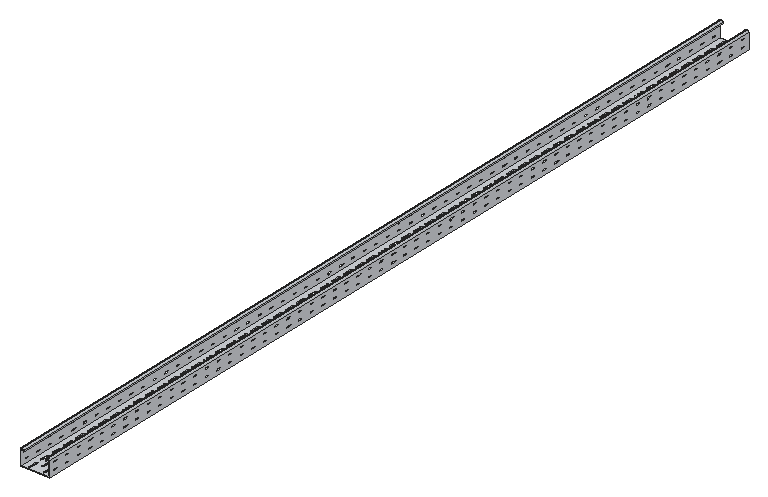
Revit family "Kabelrinne_610_FT_FS_A2_A4_FTSO", category Generic Models, Revit 2017 (continued)
Dimensions and locks
     Extrusion 128, Extrusion 129, Extrusion 130, Extrusion 131, Extrusion 132, Extrusion 133, Extrusion 134, Extrusion 135, Extrusion 136, Extrusion 137, Extrusion 138, Extrusion 139, Extrusion 140, Extrusion 141, Extrusion 142, Extrusion 143, Extrusion 144, Extrusion 145, Extrusion 146, Extrusion 147, Extrusion 148, Extrusion 149, Extrusion 150, Extrusion 151, Extrusion 152, Extrusion 153, Extrusion 154, Extrusion 155, Extrusion 156, Extrusion 157, Extrusion 158, Extrusion 159, Extrusion 160, Extrusion 161, Extrusion 162, Extrusion 163, Extrusion 164, Extrusion 165, Extrusion 166, Extrusion 167, Extrusion 168, Extrusion 169, Extrusion 170, Extrusion 171, Extrusion 172, Extrusion 173, Extrusion 174, Extrusion 175, Extrusion 176, Extrusion 177, Extrusion 178, Extrusion 179, Extrusion 180, Extrusion 181, Extrusion 182, Extrusion 183, Extrusion 184, Extrusion 185, Extrusion 186, Extrusion 187, Extrusion 188, Extrusion 189, Extrusion 190, Extrusion 191, Extrusion 192, Extrusion 193, Extrusion 194, Extrusion 195, Extrusion 196, Extrusion 197, Extrusion 198, Extrusion 199, Extrusion 200, Extrusion 201, Extrusion 202, Extrusion 203, Extrusion 204, Extrusion 205, Extrusion 206, Extrusion 207, Extrusion 208, Extrusion 209, Extrusion 210, Extrusion 211, Extrusion 212, Extrusion 213, Extrusion 214, Extrusion 215, Extrusion 216, Extrusion 217, Extrusion 218, Extrusion 219, Extrusion 220, Extrusion 221, Extrusion 222, Extrusion 223, Extrusion 224, Extrusion 225, Extrusion 226, Extrusion 227, Extrusion 228, Extrusion 229, Extrusion 230, Extrusion 231, Extrusion 232, Extrusion 233, Extrusion 234, Extrusion 235, Extrusion 236, Extrusion 237, Extrusion 238, Extrusion 239, Extrusion 240, Extrusion 241, Extrusion 242, Extrusion 243, Extrusion 244, Extrusion 245, Extrusion 246, Extrusion 247, Extrusion 248, Extrusion 249, Extrusion 250, Extrusion 251, Extrusion 252, Extrusion 253, Extrusion 254, Extrusion 255, Extrusion 256, Extrusion 257, Extrusion 258, Extrusion 259, Extrusion 260, Extrusion 261, Extrusion 262, Extrusion 263, Extrusion 264, Extrusion 265, Extrusion 266, Extrusion 267, Extrusion 268, Extrusion 269, Extrusion 270, Extrusion 271, Extrusion 272, Extrusion 273, Extrusion 274, Extrusion 275, Extrusion 276, Extrusion 277, Extrusion 278, Extrusion 279, Extrusion 280, Extrusion 281, Extrusion 282, Extrusion 283, Extrusion 284, Extrusion 285, Extrusion 286, Extrusion 287, Extrusion 288, Extrusion 289, Extrusion 290, Extrusion 291, Extrusion 292, Extrusion 293, Extrusion 294, Extrusion 295, Extrusion 296, Extrusion 297, Extrusion 298, Extrusion 299, Extrusion 300, Extrusion 301, Extrusion 302, Extrusion 303, Extrusion 304, Extrusion 305, Extrusion 306, Extrusion 308, Extrusion 309, Extrusion 310, Extrusion 311, Extrusion 312, Extrusion 313, Extrusion 314, Extrusion 315, Extrusion 316, Extrusion 317, Extrusion 318, Extrusion 319, Extrusion 320, Extrusion 321, Extrusion 322, Extrusion 323, Extrusion 324, Extrusion 325, Extrusion 326, Extrusion 327, Extrusion 328, Extrusion 329, Extrusion 330, Extrusion 331, Extrusion 332, Extrusion 333, Extrusion 334, Extrusion 335, Extrusion 336, Extrusion 337, Extrusion 338, Extrusion 339, Extrusion 340, Extrusion 341, Extrusion 342, Extrusion 343, Extrusion 344, Extrusion 345, Extrusion 346, Extrusion 347, Extrusion 348, Extrusion 349, Extrusion 350, Extrusion 351, Extrusion 352, Extrusion 353, Extrusion 354, Extrusion 355, Extrusion 356, Extrusion 357, Extrusion 358, Extrusion 359, Extrusion 360, Extrusion 361, Extrusion 362, Extrusion 363, Extrusion 364, Extrusion 365, Extrusion 366, Extrusion 367, Extrusion 368, Extrusion 369, Extrusion 370, Extrusion 371, Extrusion 372, Extrusion 373, Extrusion 374, Extrusion 375, Extrusion 376, Extrusion 377, Extrusion 378, Extrusion 379, Extrusion 380, Extrusion 381, Extrusion 382, Extrusion 383, Extrusion 384, Extrusion 385, Extrusion 386, Extrusion 387, Extrusion 388, Extrusion 389, Extrusion 390, Extrusion 391, Extrusion 392, Extrusion 393, Extrusion 394, Extrusion 395, Extrusion 396, Extrusion 397, Extrusion 398, Extrusion 399, Extrusion 400, Extrusion 401, Extrusion 402, Extrusion 403, Extrusion 404, Extrusion 405, Extrusion 406, Extrusion 407, Extrusion 408, Extrusion 409, Extrusion 410, Extrusion 411, Extrusion 412, Extrusion 413, Extrusion 414, Extrusion 415, Extrusion 416, Extrusion 417, Extrusion 418, Extrusion 419, Extrusion 420, Extrusion 421, Extrusion 422, Extrusion 423, Extrusion 424, Extrusion 425 at 11.5
  locked: Extrusion 14 sketch curve to Extrusion 14 sketch curve at 7
  locked: Extrusion 15 sketch curve to Extrusion 15 sketch curve at 7
  group 17 to group 18 = 0 mm  (x2)
  group 17 to group 18 = 25 mm
  locked: plane 29 to plane 28 at 1.503
  locked: Extrusion 16 sketch curve to Extrusion 16 sketch curve at 7
  locked: Extrusion 17 sketch curve to Extrusion 17 sketch curve at 7
  group 20 to group 21 = 0 mm  (x2)
  group 20 to group 21 = 25 mm
  locked: plane 33 to plane 32 at 1.503
  locked: Extrusion 18 sketch curve to Extrusion 18 sketch curve at 7
  locked: Extrusion 19 sketch curve to Extrusion 19 sketch curve at 7
  group 23 to group 24 = 0 mm  (x2)
  group 23 to group 24 = 25 mm
  locked: plane 37 to plane 36 at 1.503
  locked: Extrusion 20 sketch curve to Extrusion 20 sketch curve at 7
  locked: Extrusion 21 sketch curve to Extrusion 21 sketch curve at 7
  group 26 to group 27 = 0 mm  (x2)
  group 26 to group 27 = 25 mm
  locked: plane 41 to plane 40 at 1.503
  locked: Extrusion 22 sketch curve to Extrusion 22 sketch curve at 7
  locked: Extrusion 23 sketch curve to Extrusion 23 sketch curve at 7
  group 29 to group 30 = 0 mm  (x2)
  group 29 to group 30 = 25 mm
  locked: plane 45 to plane 44 at 1.503
  locked: Extrusion 24 sketch curve to Extrusion 24 sketch curve at 7
  locked: Extrusion 25 sketch curve to Extrusion 25 sketch curve at 7
  group 32 to group 33 = 0 mm  (x2)
  group 32 to group 33 = 25 mm
  locked: plane 49 to plane 48 at 1.503
  locked: Extrusion 26 sketch curve to Extrusion 26 sketch curve at 7
  locked: Extrusion 27 sketch curve to Extrusion 27 sketch curve at 7
  group 35 to group 36 = 0 mm  (x2)
  group 35 to group 36 = 25 mm
  locked: plane 53 to plane 52 at 1.503
  locked: Extrusion 28 sketch curve to Extrusion 28 sketch curve at 7
  locked: Extrusion 29 sketch curve to Extrusion 29 sketch curve at 7
  group 38 to group 39 = 0 mm  (x2)
  group 38 to group 39 = 25 mm
  locked: plane 57 to plane 56 at 1.503
  locked: Extrusion 30 sketch curve to Extrusion 30 sketch curve at 7
  locked: Extrusion 31 sketch curve to Extrusion 31 sketch curve at 7
  group 41 to group 42 = 0 mm  (x2)
  group 41 to group 42 = 25 mm
  locked: plane 61 to plane 60 at 1.503
  locked: Extrusion 32 sketch curve to Extrusion 32 sketch curve at 7
  locked: Extrusion 33 sketch curve to Extrusion 33 sketch curve at 7
  group 44 to group 45 = 0 mm  (x2)
  group 44 to group 45 = 25 mm
  locked: plane 65 to plane 64 at 1.503
  locked: Extrusion 34 sketch curve to Extrusion 34 sketch curve at 7
  locked: Extrusion 35 sketch curve to Extrusion 35 sketch curve at 7
  group 47 to group 48 = 0 mm  (x2)
  group 47 to group 48 = 25 mm
  locked: plane 69 to plane 68 at 1.503
  locked: Extrusion 36 sketch curve to Extrusion 36 sketch curve at 7
  locked: Extrusion 37 sketch curve to Extrusion 37 sketch curve at 7
  group 50 to group 51 = 0 mm  (x2)
  group 50 to group 51 = 25 mm
  locked: plane 73 to plane 72 at 1.503
  locked: Extrusion 38 sketch curve to Extrusion 38 sketch curve at 7
  locked: Extrusion 39 sketch curve to Extrusion 39 sketch curve at 7
  group 53 to group 54 = 0 mm  (x2)
  group 53 to group 54 = 25 mm
  locked: plane 77 to plane 76 at 1.503
  locked: Extrusion 40 sketch curve to Extrusion 40 sketch curve at 7
  locked: Extrusion 41 sketch curve to Extrusion 41 sketch curve at 7
  group 56 to group 57 = 0 mm  (x2)
  group 56 to group 57 = 25 mm
  locked: plane 81 to plane 80 at 1.503
  locked: Extrusion 42 sketch curve to Extrusion 42 sketch curve at 7
  locked: Extrusion 43 sketch curve to Extrusion 43 sketch curve at 7
  group 59 to group 60 = 0 mm  (x2)
  group 59 to group 60 = 25 mm
  locked: plane 85 to plane 84 at 1.503
  locked: Extrusion 44 sketch curve to Extrusion 44 sketch curve at 7
  locked: Extrusion 45 sketch curve to Extrusion 45 sketch curve at 7
  group 62 to group 63 = 0 mm  (x2)
  group 62 to group 63 = 25 mm
  locked: plane 89 to plane 88 at 1.503
  locked: Extrusion 46 sketch curve to Extrusion 46 sketch curve at 7
  locked: Extrusion 47 sketch curve to Extrusion 47 sketch curve at 7
  group 65 to group 66 = 0 mm  (x2)
  group 65 to group 66 = 25 mm
  locked: plane 93 to plane 92 at 1.503
  locked: Extrusion 48 sketch curve to Extrusion 48 sketch curve at 7
  locked: Extrusion 49 sketch curve to Extrusion 49 sketch curve at 7
  group 68 to group 69 = 0 mm  (x2)
  group 68 to group 69 = 25 mm
  locked: plane 97 to plane 96 at 1.503
  locked: Extrusion 50 sketch curve to Extrusion 50 sketch curve at 7
  locked: Extrusion 51 sketch curve to Extrusion 51 sketch curve at 7
  group 71 to group 72 = 0 mm  (x2)
  group 71 to group 72 = 25 mm
  locked: plane 101 to plane 100 at 1.503
  locked: Extrusion 52 sketch curve to Extrusion 52 sketch curve at 7
  locked: Extrusion 53 sketch curve to Extrusion 53 sketch curve at 7
  group 74 to group 75 = 0 mm  (x2)
  group 74 to group 75 = 25 mm
  locked: plane 105 to plane 104 at 1.503
  locked: Extrusion 54 sketch curve to Extrusion 54 sketch curve at 7
  locked: Extrusion 55 sketch curve to Extrusion 55 sketch curve at 7
  group 77 to group 78 = 0 mm  (x2)
  group 77 to group 78 = 25 mm
  locked: plane 109 to plane 108 at 1.503
  locked: Extrusion 56 sketch curve to Extrusion 56 sketch curve at 7
  locked: Extrusion 57 sketch curve to Extrusion 57 sketch curve at 7
  group 80 to group 81 = 0 mm  (x2)
  group 80 to group 81 = 25 mm
  locked: plane 113 to plane 112 at 1.503
  locked: Extrusion 58 sketch curve to Extrusion 58 sketch curve at 7
  locked: Extrusion 59 sketch curve to Extrusion 59 sketch curve at 7
  group 83 to group 84 = 0 mm  (x2)
  group 83 to group 84 = 25 mm
  locked: plane 117 to plane 116 at 1.503
  locked: Extrusion 60 sketch curve to Extrusion 60 sketch curve at 7
  locked: Extrusion 61 sketch curve to Extrusion 61 sketch curve at 7
  group 86 to group 87 = 0 mm  (x2)
  group 86 to group 87 = 25 mm
  locked: plane 121 to plane 120 at 1.503
  locked: Extrusion 62 sketch curve to Extrusion 62 sketch curve at 7
  locked: Extrusion 63 sketch curve to Extrusion 63 sketch curve at 7
  group 89 to group 90 = 0 mm  (x2)
  group 89 to group 90 = 25 mm
  locked: plane 125 to plane 124 at 1.503
  locked: Extrusion 64 sketch curve to Extrusion 64 sketch curve at 7
  locked: Extrusion 65 sketch curve to Extrusion 65 sketch curve at 7
  group 92 to group 93 = 0 mm  (x2)
  group 92 to group 93 = 25 mm
  locked: plane 129 to plane 128 at 1.503
  locked: Extrusion 66 sketch curve to Extrusion 66 sketch curve at 7
  locked: Extrusion 67 sketch curve to Extrusion 67 sketch curve at 7
  group 95 to group 96 = 0 mm  (x2)
  group 95 to group 96 = 25 mm
  locked: plane 133 to plane 132 at 1.503
  locked: Extrusion 68 sketch curve to Extrusion 68 sketch curve at 7
  locked: Extrusion 69 sketch curve to Extrusion 69 sketch curve at 7
  group 98 to group 99 = 0 mm  (x2)
  group 98 to group 99 = 25 mm
  locked: plane 137 to plane 136 at 1.503
  locked: Extrusion 70 sketch curve to Extrusion 70 sketch curve at 7
  locked: Extrusion 71 sketch curve to Extrusion 71 sketch curve at 7
  group 101 to group 102 = 0 mm  (x2)
  group 101 to group 102 = 25 mm
  locked: plane 141 to plane 140 at 1.503
  locked: Extrusion 72 sketch curve to Extrusion 72 sketch curve at 7
  locked: Extrusion 73 sketch curve to Extrusion 73 sketch curve at 7
  group 104 to group 105 = 0 mm  (x2)
  group 104 to group 105 = 25 mm
  locked: plane 145 to plane 144 at 1.503
  locked: Extrusion 74 sketch curve to Extrusion 74 sketch curve at 7
  locked: Extrusion 75 sketch curve to Extrusion 75 sketch curve at 7
  group 107 to group 108 = 0 mm  (x2)
  group 107 to group 108 = 25 mm
  locked: plane 149 to plane 148 at 1.503
  locked: Extrusion 76 sketch curve to Extrusion 76 sketch curve at 7
  locked: Extrusion 77 sketch curve to Extrusion 77 sketch curve at 7
  group 110 to group 111 = 0 mm  (x2)
  group 110 to group 111 = 25 mm
  locked: plane 153 to plane 152 at 1.503
  locked: Extrusion 78 sketch curve to Extrusion 78 sketch curve at 7
  locked: Extrusion 79 sketch curve to Extrusion 79 sketch curve at 7
  group 113 to group 114 = 0 mm  (x2)
  group 113 to group 114 = 25 mm
  locked: plane 157 to plane 156 at 1.503
  locked: Extrusion 80 sketch curve to Extrusion 80 sketch curve at 7
  locked: Extrusion 81 sketch curve to Extrusion 81 sketch curve at 7
  group 116 to group 117 = 0 mm  (x2)
  group 116 to group 117 = 25 mm
  locked: plane 161 to plane 160 at 1.503
  locked: Extrusion 82 sketch curve to Extrusion 82 sketch curve at 7
  locked: Extrusion 83 sketch curve to Extrusion 83 sketch curve at 7
  group 119 to group 120 = 0 mm  (x2)
  group 119 to group 120 = 25 mm
  locked: plane 165 to plane 164 at 1.503
  locked: Extrusion 84 sketch curve to Extrusion 84 sketch curve at 7
  locked: Extrusion 85 sketch curve to Extrusion 85 sketch curve at 7
  group 122 to group 123 = 0 mm  (x2)
  group 122 to group 123 = 25 mm
  locked: plane 169 to plane 168 at 1.503
  locked: Extrusion 86 sketch curve to Extrusion 86 sketch curve at 7
  locked: Extrusion 87 sketch curve to Extrusion 87 sketch curve at 7
  group 125 to group 126 = 0 mm  (x2)
  group 125 to group 126 = 25 mm
  locked: plane 173 to plane 172 at 1.503
  locked: Extrusion 88 sketch curve to Extrusion 88 sketch curve at 7
  locked: Extrusion 89 sketch curve to Extrusion 89 sketch curve at 7
  group 128 to group 129 = 0 mm  (x2)
  group 128 to group 129 = 25 mm
  locked: plane 177 to plane 176 at 1.503
  locked: Extrusion 90 sketch curve to Extrusion 90 sketch curve at 7
  locked: Extrusion 91 sketch curve to Extrusion 91 sketch curve at 7
  group 131 to group 132 = 0 mm  (x2)
  group 131 to group 132 = 25 mm
  locked: plane 181 to plane 180 at 1.503
  locked: Extrusion 92 sketch curve to Extrusion 92 sketch curve at 7
  locked: Extrusion 93 sketch curve to Extrusion 93 sketch curve at 7
  group 134 to group 135 = 0 mm  (x2)
  group 134 to group 135 = 25 mm
  locked: plane 185 to plane 184 at 1.503
  locked: Extrusion 94 sketch curve to Extrusion 94 sketch curve at 7
  locked: Extrusion 95 sketch curve to Extrusion 95 sketch curve at 7
  group 137 to group 138 = 0 mm  (x2)
  group 137 to group 138 = 25 mm
  locked: plane 189 to plane 188 at 1.503
  locked: Extrusion 96 sketch curve to Extrusion 96 sketch curve at 7
  locked: Extrusion 97 sketch curve to Extrusion 97 sketch curve at 7
  group 140 to group 141 = 0 mm  (x2)
  group 140 to group 141 = 25 mm
  locked: plane 193 to plane 192 at 1.503
  locked: Extrusion 98 sketch curve to Extrusion 98 sketch curve at 7
  locked: Extrusion 99 sketch curve to Extrusion 99 sketch curve at 7
  group 143 to group 144 = 0 mm  (x2)
  group 143 to group 144 = 25 mm
  locked: plane 197 to plane 196 at 1.503
  locked: Extrusion 100 sketch curve to Extrusion 100 sketch curve at 7
  locked: Extrusion 101 sketch curve to Extrusion 101 sketch curve at 7
  group 146 to group 147 = 0 mm  (x2)
  group 146 to group 147 = 25 mm
  locked: plane 201 to plane 200 at 1.503
  locked: Extrusion 102 sketch curve to Extrusion 102 sketch curve at 7
  locked: Extrusion 103 sketch curve to Extrusion 103 sketch curve at 7
  group 149 to group 150 = 0 mm  (x2)
  group 149 to group 150 = 25 mm
  locked: plane 205 to plane 204 at 1.503
  locked: Extrusion 104 sketch curve to Extrusion 104 sketch curve at 7
  locked: Extrusion 105 sketch curve to Extrusion 105 sketch curve at 7
  group 152 to group 153 = 0 mm  (x2)
  group 152 to group 153 = 25 mm
  locked: plane 209 to plane 208 at 1.503
  locked: Extrusion 106 sketch curve to Extrusion 106 sketch curve at 7
  locked: Extrusion 107 sketch curve to Extrusion 107 sketch curve at 7
  group 155 to group 156 = 0 mm  (x2)
  group 155 to group 156 = 25 mm
  locked: plane 213 to plane 212 at 1.503
  locked: Extrusion 108 sketch curve to Extrusion 108 sketch curve at 7
  locked: Extrusion 109 sketch curve to Extrusion 109 sketch curve at 7
  group 158 to group 159 = 0 mm  (x2)
  group 158 to group 159 = 25 mm
  locked: plane 217 to plane 216 at 1.503
  locked: Extrusion 110 sketch curve to Extrusion 110 sketch curve at 7
  locked: Extrusion 111 sketch curve to Extrusion 111 sketch curve at 7
  group 161 to group 162 = 0 mm  (x2)
  group 161 to group 162 = 25 mm
  locked: plane 221 to plane 220 at 1.503
  locked: Extrusion 112 sketch curve to Extrusion 112 sketch curve at 7
  locked: Extrusion 113 sketch curve to Extrusion 113 sketch curve at 7
  group 164 to group 165 = 0 mm  (x2)
  group 164 to group 165 = 25 mm
  locked: plane 225 to plane 224 at 1.503
  locked: Extrusion 114 sketch curve to Extrusion 114 sketch curve at 7
  locked: Extrusion 115 sketch curve to Extrusion 115 sketch curve at 7
  group 167 to group 168 = 0 mm  (x2)
  group 167 to group 168 = 25 mm
  locked: plane 229 to plane 228 at 1.503
  locked: Extrusion 116 sketch curve to Extrusion 116 sketch curve at 7
  locked: Extrusion 117 sketch curve to Extrusion 117 sketch curve at 7
  group 170 to group 171 = 0 mm  (x2)
  group 170 to group 171 = 25 mm
  locked: plane 233 to plane 232 at 1.503
  locked: Extrusion 118 sketch curve to Extrusion 118 sketch curve at 7
  locked: Extrusion 119 sketch curve to Extrusion 119 sketch curve at 7
  group 173 to group 174 = 0 mm  (x2)
  group 173 to group 174 = 25 mm
  locked: plane 237 to plane 236 at 1.503
  locked: Extrusion 120 sketch curve to Extrusion 120 sketch curve at 7
  locked: Extrusion 121 sketch curve to Extrusion 121 sketch curve at 7
  group 176 to group 177 = 0 mm  (x2)
  group 176 to group 177 = 25 mm
  locked: plane 241 to plane 240 at 1.503
  locked: Extrusion 122 sketch curve to Extrusion 122 sketch curve at 7
  locked: Extrusion 123 sketch curve to Extrusion 123 sketch curve at 7
  group 179 to group 180 = 0 mm  (x2)
  group 179 to group 180 = 25 mm
  locked: plane 245 to plane 244 at 1.503
  locked: Extrusion 124 sketch curve to Extrusion 124 sketch curve at 7
  locked: Extrusion 125 sketch curve to Extrusion 125 sketch curve at 7
  group 182 to group 183 = 0 mm  (x2)
  group 182 to group 183 = 25 mm
  locked: plane 249 to plane 248 at 1.503
  locked: Extrusion 126 sketch curve to Extrusion 126 sketch curve at 7
  locked: Extrusion 127 sketch curve to Extrusion 127 sketch curve at 7
  group 185 to group 186 = 0 mm  (x2)
  group 185 to group 186 = 25 mm
  locked: plane 253 to plane 252 at 1.503
  locked: Extrusion 128 sketch curve to Extrusion 128 sketch curve at 7
  locked: Extrusion 129 sketch curve to Extrusion 129 sketch curve at 7
  group 188 to group 189 = 0 mm  (x2)
  group 188 to group 189 = 25 mm
  locked: plane 257 to plane 256 at 1.503
  locked: Extrusion 130 sketch curve to Extrusion 130 sketch curve at 7
  locked: Extrusion 131 sketch curve to Extrusion 131 sketch curve at 7
  group 192 to group 191 = 0 mm
  group 191 to group 192 = 0 mm
  group 191 to group 192 = 25 mm
  locked: plane 260 to plane 261 at 1.532
  locked: Extrusion 132 sketch curve to Extrusion 132 sketch curve at 7
  locked: Extrusion 133 sketch curve to Extrusion 133 sketch curve at 7
  group 195 to group 194 = 0 mm
  group 194 to group 195 = 0 mm
  group 194 to group 195 = 25 mm
  locked: plane 264 to plane 265 at 1.532
  locked: Extrusion 134 sketch curve to Extrusion 134 sketch curve at 7
  locked: Extrusion 135 sketch curve to Extrusion 135 sketch curve at 7
  group 198 to group 197 = 0 mm
  group 197 to group 198 = 0 mm
  group 197 to group 198 = 25 mm
  locked: plane 268 to plane 269 at 1.532
  locked: Extrusion 136 sketch curve to Extrusion 136 sketch curve at 7
  locked: Extrusion 137 sketch curve to Extrusion 137 sketch curve at 7
  group 201 to group 200 = 0 mm
  group 200 to group 201 = 0 mm
  group 200 to group 201 = 25 mm
  locked: plane 272 to plane 273 at 1.532
  locked: Extrusion 138 sketch curve to Extrusion 138 sketch curve at 7
  locked: Extrusion 139 sketch curve to Extrusion 139 sketch curve at 7
  group 204 to group 203 = 0 mm
  group 203 to group 204 = 0 mm
  group 203 to group 204 = 25 mm
  locked: plane 276 to plane 277 at 1.532
  locked: Extrusion 140 sketch curve to Extrusion 140 sketch curve at 7
  locked: Extrusion 141 sketch curve to Extrusion 141 sketch curve at 7
  group 207 to group 206 = 0 mm
  group 206 to group 207 = 0 mm
  group 206 to group 207 = 25 mm
  locked: plane 280 to plane 281 at 1.532
  locked: Extrusion 142 sketch curve to Extrusion 142 sketch curve at 7
  locked: Extrusion 143 sketch curve to Extrusion 143 sketch curve at 7
  group 210 to group 209 = 0 mm
  group 209 to group 210 = 0 mm
  group 209 to group 210 = 25 mm
  locked: plane 284 to plane 285 at 1.532
  locked: Extrusion 144 sketch curve to Extrusion 144 sketch curve at 7
  locked: Extrusion 145 sketch curve to Extrusion 145 sketch curve at 7
  group 213 to group 212 = 0 mm
  group 212 to group 213 = 0 mm
  group 212 to group 213 = 25 mm
  locked: plane 288 to plane 289 at 1.532
  locked: Extrusion 146 sketch curve to Extrusion 146 sketch curve at 7
  locked: Extrusion 147 sketch curve to Extrusion 147 sketch curve at 7
  group 216 to group 215 = 0 mm
  group 215 to group 216 = 0 mm
  group 215 to group 216 = 25 mm
  locked: plane 292 to plane 293 at 1.532
  locked: Extrusion 148 sketch curve to Extrusion 148 sketch curve at 7
  locked: Extrusion 149 sketch curve to Extrusion 149 sketch curve at 7
  group 219 to group 218 = 0 mm
  group 218 to group 219 = 0 mm
  group 218 to group 219 = 25 mm
  locked: plane 296 to plane 297 at 1.532
  locked: Extrusion 150 sketch curve to Extrusion 150 sketch curve at 7
  locked: Extrusion 151 sketch curve to Extrusion 151 sketch curve at 7
  group 222 to group 221 = 0 mm
  group 221 to group 222 = 0 mm
  group 221 to group 222 = 25 mm
  locked: plane 300 to plane 301 at 1.532
  locked: Extrusion 152 sketch curve to Extrusion 152 sketch curve at 7
  locked: Extrusion 153 sketch curve to Extrusion 153 sketch curve at 7
  group 225 to group 224 = 0 mm
  group 224 to group 225 = 0 mm
  group 224 to group 225 = 25 mm
  locked: plane 304 to plane 305 at 1.532
  locked: Extrusion 154 sketch curve to Extrusion 154 sketch curve at 7
  locked: Extrusion 155 sketch curve to Extrusion 155 sketch curve at 7
  group 228 to group 227 = 0 mm
  group 227 to group 228 = 0 mm
  group 227 to group 228 = 25 mm
  locked: plane 308 to plane 309 at 1.532
  locked: Extrusion 156 sketch curve to Extrusion 156 sketch curve at 7
  locked: Extrusion 157 sketch curve to Extrusion 157 sketch curve at 7
  group 231 to group 230 = 0 mm
  group 230 to group 231 = 0 mm
  group 230 to group 231 = 25 mm
  locked: plane 312 to plane 313 at 1.532
  locked: Extrusion 158 sketch curve to Extrusion 158 sketch curve at 7
  locked: Extrusion 159 sketch curve to Extrusion 159 sketch curve at 7
  group 234 to group 233 = 0 mm
  group 233 to group 234 = 0 mm
  group 233 to group 234 = 25 mm
  locked: plane 316 to plane 317 at 1.532
  locked: Extrusion 160 sketch curve to Extrusion 160 sketch curve at 7
  locked: Extrusion 161 sketch curve to Extrusion 161 sketch curve at 7
  group 237 to group 236 = 0 mm
  group 236 to group 237 = 0 mm
  group 236 to group 237 = 25 mm
  locked: plane 320 to plane 321 at 1.532
  locked: Extrusion 162 sketch curve to Extrusion 162 sketch curve at 7
  locked: Extrusion 163 sketch curve to Extrusion 163 sketch curve at 7
  group 240 to group 239 = 0 mm
  group 239 to group 240 = 0 mm
  group 239 to group 240 = 25 mm
  locked: plane 324 to plane 325 at 1.532
  locked: Extrusion 164 sketch curve to Extrusion 164 sketch curve at 7
  locked: Extrusion 165 sketch curve to Extrusion 165 sketch curve at 7
  group 243 to group 242 = 0 mm
  group 242 to group 243 = 0 mm
  group 242 to group 243 = 25 mm
  locked: plane 328 to plane 329 at 1.532
  locked: Extrusion 166 sketch curve to Extrusion 166 sketch curve at 7
  locked: Extrusion 167 sketch curve to Extrusion 167 sketch curve at 7
  group 246 to group 245 = 0 mm
  group 245 to group 246 = 0 mm
  group 245 to group 246 = 25 mm
  locked: plane 332 to plane 333 at 1.532
  locked: Extrusion 168 sketch curve to Extrusion 168 sketch curve at 7
  locked: Extrusion 169 sketch curve to Extrusion 169 sketch curve at 7
  group 249 to group 248 = 0 mm
  group 248 to group 249 = 0 mm
  group 248 to group 249 = 25 mm
  locked: plane 336 to plane 337 at 1.532
  locked: Extrusion 170 sketch curve to Extrusion 170 sketch curve at 7
  locked: Extrusion 171 sketch curve to Extrusion 171 sketch curve at 7
  group 252 to group 251 = 0 mm
  group 251 to group 252 = 0 mm
  group 251 to group 252 = 25 mm
  locked: plane 340 to plane 341 at 1.532
  locked: Extrusion 172 sketch curve to Extrusion 172 sketch curve at 7
  locked: Extrusion 173 sketch curve to Extrusion 173 sketch curve at 7
  group 255 to group 254 = 0 mm
  group 254 to group 255 = 0 mm
  group 254 to group 255 = 25 mm
  locked: plane 344 to plane 345 at 1.532
  locked: Extrusion 174 sketch curve to Extrusion 174 sketch curve at 7
  locked: Extrusion 175 sketch curve to Extrusion 175 sketch curve at 7
  group 258 to group 257 = 0 mm
  group 257 to group 258 = 0 mm
  group 257 to group 258 = 25 mm
  locked: plane 348 to plane 349 at 1.532
  locked: Extrusion 176 sketch curve to Extrusion 176 sketch curve at 7
  locked: Extrusion 177 sketch curve to Extrusion 177 sketch curve at 7
  group 261 to group 260 = 0 mm
  group 260 to group 261 = 0 mm
  group 260 to group 261 = 25 mm
  locked: plane 352 to plane 353 at 1.532
  locked: Extrusion 178 sketch curve to Extrusion 178 sketch curve at 7
  locked: Extrusion 179 sketch curve to Extrusion 179 sketch curve at 7
  group 264 to group 263 = 0 mm
  group 263 to group 264 = 0 mm
  group 263 to group 264 = 25 mm
  locked: plane 356 to plane 357 at 1.532
  locked: Extrusion 180 sketch curve to Extrusion 180 sketch curve at 7
  locked: Extrusion 181 sketch curve to Extrusion 181 sketch curve at 7
  group 267 to group 266 = 0 mm
  group 266 to group 267 = 0 mm
  group 266 to group 267 = 25 mm
  locked: plane 360 to plane 361 at 1.532
  locked: Extrusion 182 sketch curve to Extrusion 182 sketch curve at 7
  locked: Extrusion 183 sketch curve to Extrusion 183 sketch curve at 7
  group 270 to group 269 = 0 mm
  group 269 to group 270 = 0 mm
  group 269 to group 270 = 25 mm
  locked: plane 364 to plane 365 at 1.532
  locked: Extrusion 184 sketch curve to Extrusion 184 sketch curve at 7
  locked: Extrusion 185 sketch curve to Extrusion 185 sketch curve at 7
  group 273 to group 272 = 0 mm
  group 272 to group 273 = 0 mm
  group 272 to group 273 = 25 mm
  locked: plane 368 to plane 369 at 1.532
  locked: Extrusion 186 sketch curve to Extrusion 186 sketch curve at 7
  locked: Extrusion 187 sketch curve to Extrusion 187 sketch curve at 7
  group 276 to group 275 = 0 mm
  group 275 to group 276 = 0 mm
  group 275 to group 276 = 25 mm
  locked: plane 372 to plane 373 at 1.532
  locked: Extrusion 188 sketch curve to Extrusion 188 sketch curve at 7
  locked: Extrusion 189 sketch curve to Extrusion 189 sketch curve at 7
  group 279 to group 278 = 0 mm
  group 278 to group 279 = 0 mm
  group 278 to group 279 = 25 mm
  locked: plane 376 to plane 377 at 1.532
  locked: Extrusion 190 sketch curve to Extrusion 190 sketch curve at 7
  locked: Extrusion 191 sketch curve to Extrusion 191 sketch curve at 7
  group 282 to group 281 = 0 mm
  group 281 to group 282 = 0 mm
  group 281 to group 282 = 25 mm
  locked: plane 380 to plane 381 at 1.532
  locked: Extrusion 192 sketch curve to Extrusion 192 sketch curve at 7
  locked: Extrusion 193 sketch curve to Extrusion 193 sketch curve at 7
  group 285 to group 284 = 0 mm
  group 284 to group 285 = 0 mm
  group 284 to group 285 = 25 mm
  locked: plane 384 to plane 385 at 1.532
  locked: Extrusion 194 sketch curve to Extrusion 194 sketch curve at 7
  locked: Extrusion 195 sketch curve to Extrusion 195 sketch curve at 7
  group 288 to group 287 = 0 mm
  group 287 to group 288 = 0 mm
  group 287 to group 288 = 25 mm
  locked: plane 388 to plane 389 at 1.532
  locked: Extrusion 196 sketch curve to Extrusion 196 sketch curve at 7
  locked: Extrusion 197 sketch curve to Extrusion 197 sketch curve at 7
  group 291 to group 290 = 0 mm
  group 290 to group 291 = 0 mm
  group 290 to group 291 = 25 mm
  locked: plane 392 to plane 393 at 1.532
  locked: Extrusion 198 sketch curve to Extrusion 198 sketch curve at 7
  locked: Extrusion 199 sketch curve to Extrusion 199 sketch curve at 7
  group 294 to group 293 = 0 mm
  group 293 to group 294 = 0 mm
  group 293 to group 294 = 25 mm
  locked: plane 396 to plane 397 at 1.532
  locked: Extrusion 200 sketch curve to Extrusion 200 sketch curve at 7
  locked: Extrusion 201 sketch curve to Extrusion 201 sketch curve at 7
  group 297 to group 296 = 0 mm
  group 296 to group 297 = 0 mm
  group 296 to group 297 = 25 mm
  locked: plane 400 to plane 401 at 1.532
  locked: Extrusion 202 sketch curve to Extrusion 202 sketch curve at 7
  locked: Extrusion 203 sketch curve to Extrusion 203 sketch curve at 7
  group 300 to group 299 = 0 mm
  group 299 to group 300 = 0 mm
  group 299 to group 300 = 25 mm
  locked: plane 404 to plane 405 at 1.532
  locked: Extrusion 204 sketch curve to Extrusion 204 sketch curve at 7
  locked: Extrusion 205 sketch curve to Extrusion 205 sketch curve at 7
  group 303 to group 302 = 0 mm
  group 302 to group 303 = 0 mm
  group 302 to group 303 = 25 mm
  locked: plane 408 to plane 409 at 1.532
  locked: Extrusion 206 sketch curve to Extrusion 206 sketch curve at 7
  locked: Extrusion 207 sketch curve to Extrusion 207 sketch curve at 7
  group 306 to group 305 = 0 mm
  group 305 to group 306 = 0 mm
  group 305 to group 306 = 25 mm
  locked: plane 412 to plane 413 at 1.532
  locked: Extrusion 208 sketch curve to Extrusion 208 sketch curve at 7
  locked: Extrusion 209 sketch curve to Extrusion 209 sketch curve at 7
  group 309 to group 308 = 0 mm
  group 308 to group 309 = 0 mm
  group 308 to group 309 = 25 mm
  locked: plane 416 to plane 417 at 1.532
  locked: Extrusion 210 sketch curve to Extrusion 210 sketch curve at 7
  locked: Extrusion 211 sketch curve to Extrusion 211 sketch curve at 7
  group 312 to group 311 = 0 mm
  group 311 to group 312 = 0 mm
  group 311 to group 312 = 25 mm
  locked: plane 420 to plane 421 at 1.532
  locked: Extrusion 212 sketch curve to Extrusion 212 sketch curve at 7
  locked: Extrusion 213 sketch curve to Extrusion 213 sketch curve at 7
  group 315 to group 314 = 0 mm
  group 314 to group 315 = 0 mm
  group 314 to group 315 = 25 mm
  locked: plane 424 to plane 425 at 1.532
  locked: Extrusion 214 sketch curve to Extrusion 214 sketch curve at 7
  locked: Extrusion 215 sketch curve to Extrusion 215 sketch curve at 7
  group 318 to group 317 = 0 mm
  group 317 to group 318 = 0 mm
  group 317 to group 318 = 25 mm
  locked: plane 428 to plane 429 at 1.532
  locked: Extrusion 216 sketch curve to Extrusion 216 sketch curve at 7
  locked: Extrusion 217 sketch curve to Extrusion 217 sketch curve at 7
  group 321 to group 320 = 0 mm
  group 320 to group 321 = 0 mm
  group 320 to group 321 = 25 mm
  locked: plane 432 to plane 433 at 1.532
  locked: Extrusion 218 sketch curve to Extrusion 218 sketch curve at 7
  locked: Extrusion 219 sketch curve to Extrusion 219 sketch curve at 7
  group 324 to group 323 = 0 mm
  group 323 to group 324 = 0 mm
  group 323 to group 324 = 25 mm
  locked: plane 436 to plane 437 at 1.532
  locked: Extrusion 220 sketch curve to Extrusion 220 sketch curve at 7
  locked: Extrusion 221 sketch curve to Extrusion 221 sketch curve at 7
  group 327 to group 326 = 0 mm
  group 326 to group 327 = 0 mm
  group 326 to group 327 = 25 mm
  locked: plane 440 to plane 441 at 1.532
  locked: Extrusion 222 sketch curve to Extrusion 222 sketch curve at 7
  locked: Extrusion 223 sketch curve to Extrusion 223 sketch curve at 7
  group 330 to group 329 = 0 mm
  group 329 to group 330 = 0 mm
  group 329 to group 330 = 25 mm
  locked: plane 444 to plane 445 at 1.532
  locked: Extrusion 224 sketch curve to Extrusion 224 sketch curve at 7
  locked: Extrusion 225 sketch curve to Extrusion 225 sketch curve at 7
  group 333 to group 332 = 0 mm
  group 332 to group 333 = 0 mm
  group 332 to group 333 = 25 mm
  locked: plane 448 to plane 449 at 1.532
  locked: Extrusion 226 sketch curve to Extrusion 226 sketch curve at 7
  locked: Extrusion 227 sketch curve to Extrusion 227 sketch curve at 7
  group 336 to group 335 = 0 mm
  group 335 to group 336 = 0 mm
  group 335 to group 336 = 25 mm
  locked: plane 452 to plane 453 at 1.532
  locked: Extrusion 228 sketch curve to Extrusion 228 sketch curve at 7
  locked: Extrusion 229 sketch curve to Extrusion 229 sketch curve at 7
  group 339 to group 338 = 0 mm
  group 338 to group 339 = 0 mm
  group 338 to group 339 = 25 mm
  locked: plane 456 to plane 457 at 1.532
  locked: Extrusion 230 sketch curve to Extrusion 230 sketch curve at 7
  locked: Extrusion 231 sketch curve to Extrusion 231 sketch curve at 7
  group 342 to group 341 = 0 mm
  group 341 to group 342 = 0 mm
  group 341 to group 342 = 25 mm
  locked: plane 460 to plane 461 at 1.532
  locked: Extrusion 232 sketch curve to Extrusion 232 sketch curve at 7
  locked: Extrusion 233 sketch curve to Extrusion 233 sketch curve at 7
  group 345 to group 344 = 0 mm
  group 344 to group 345 = 0 mm
  group 344 to group 345 = 25 mm
  locked: plane 464 to plane 465 at 1.532
  locked: Extrusion 234 sketch curve to Extrusion 234 sketch curve at 7
  locked: Extrusion 235 sketch curve to Extrusion 235 sketch curve at 7
  group 348 to group 347 = 0 mm
  group 347 to group 348 = 0 mm
  group 347 to group 348 = 25 mm
  locked: plane 468 to plane 469 at 1.532
  locked: Extrusion 236 sketch curve to Extrusion 236 sketch curve at 7
  locked: Extrusion 237 sketch curve to Extrusion 237 sketch curve at 7
  group 351 to group 350 = 0 mm
  group 350 to group 351 = 0 mm
  group 350 to group 351 = 25 mm
  locked: plane 472 to plane 473 at 1.532
  locked: Extrusion 238 sketch curve to Extrusion 238 sketch curve at 7
  locked: Extrusion 239 sketch curve to Extrusion 239 sketch curve at 7
  group 354 to group 353 = 0 mm
  group 353 to group 354 = 0 mm
  group 353 to group 354 = 25 mm
  locked: plane 476 to plane 477 at 1.532
  locked: Extrusion 240 sketch curve to Extrusion 240 sketch curve at 7
  locked: Extrusion 241 sketch curve to Extrusion 241 sketch curve at 7
  group 357 to group 356 = 0 mm
  group 356 to group 357 = 0 mm
  group 356 to group 357 = 25 mm
  locked: plane 480 to plane 481 at 1.532
  locked: Extrusion 242 sketch curve to Extrusion 242 sketch curve at 7
  locked: Extrusion 243 sketch curve to Extrusion 243 sketch curve at 7
  group 360 to group 359 = 0 mm
  group 359 to group 360 = 0 mm
  group 359 to group 360 = 25 mm
  locked: plane 484 to plane 485 at 1.532
  locked: Extrusion 244 sketch curve to Extrusion 244 sketch curve at 7
  locked: Extrusion 245 sketch curve to Extrusion 245 sketch curve at 7
  group 363 to group 362 = 0 mm
  group 362 to group 363 = 0 mm
  group 362 to group 363 = 25 mm
  locked: plane 488 to plane 489 at 1.532
  locked: plane 492 to plane 493 at 1.5
  locked: Extrusion 246 sketch curve to Extrusion 246 sketch curve at 7
  locked: Extrusion 246 to Extrusion 246 at 1.5
  locked: cut or joined group 1 (Extrusion 1, Extrusion 4, Extrusion 5, Extrusion 6, Extrusion 7, Extrusion 9, Extrusion 10, Extrusion 12, Extrusion 13, Extrusion 14, Extrusion 15, Extrusion 16, Extrusion 17, Extrusion 18, Extrusion 19, Extrusion 20, Extrusion 21, Extrusion 22, Extrusion 23, Extrusion 24, Extrusion 25, Extrusion 26, Extrusion 27, Extrusion 28, Extrusion 29, Extrusion 30, Extrusion 31, Extrusion 32, Extrusion 33, Extrusion 34, Extrusion 35, Extrusion 36, Extrusion 37, Extrusion 38, Extrusion 39, Extrusion 40, Extrusion 41, Extrusion 42, Extrusion 43, Extrusion 44, Extrusion 45, Extrusion 46, Extrusion 47, Extrusion 48, Extrusion 49, Extrusion 50, Extrusion 51, Extrusion 52, Extrusion 53, Extrusion 54, Extrusion 55, Extrusion 56, Extrusion 57, Extrusion 58, Extrusion 59, Extrusion 60, Extrusion 61, Extrusion 62, Extrusion 63, Extrusion 64, Extrusion 65, Extrusion 66, Extrusion 67, Extrusion 68, Extrusion 69, Extrusion 70, Extrusion 71, Extrusion 72, Extrusion 73, Extrusion 74, Extrusion 75, Extrusion 76, Extrusion 77, Extrusion 78, Extrusion 79, Extrusion 80, Extrusion 81, Extrusion 82, Extrusion 83, Extrusion 84, Extrusion 85, Extrusion 86, Extrusion 87, Extrusion 88, Extrusion 89, Extrusion 90, Extrusion 91, Extrusion 92, Extrusion 93, Extrusion 94, Extrusion 95, Extrusion 96, Extrusion 97, Extrusion 98, Extrusion 99, Extrusion 100, Extrusion 101, Extrusion 102, Extrusion 103, Extrusion 104, Extrusion 105, Extrusion 106, Extrusion 107, Extrusion 108, Extrusion 109, Extrusion 110, Extrusion 111, Extrusion 112, Extrusion 113, Extrusion 114, Extrusion 115, Extrusion 116, Extrusion 117, Extrusion 118, Extrusion 119, Extrusion 120, Extrusion 121, Extrusion 122, Extrusion 123, Extrusion 124, Extrusion 125, Extrusion 126, Extrusion 127, Extrusion 128, Extrusion 129, Extrusion 130, Extrusion 131, Extrusion 132, Extrusion 133, Extrusion 134, Extrusion 135, Extrusion 136, Extrusion 137, Extrusion 138, Extrusion 139, Extrusion 140, Extrusion 141, Extrusion 142, Extrusion 143, Extrusion 144, Extrusion 145, Extrusion 146, Extrusion 147, Extrusion 148, Extrusion 149, Extrusion 150, Extrusion 151, Extrusion 152, Extrusion 153, Extrusion 154, Extrusion 155, Extrusion 156, Extrusion 157, Extrusion 158, Extrusion 159, Extrusion 160, Extrusion 161, Extrusion 162, Extrusion 163, Extrusion 164, Extrusion 165, Extrusion 166, Extrusion 167, Extrusion 168, Extrusion 169, Extrusion 170, Extrusion 171, Extrusion 172, Extrusion 173, Extrusion 174, Extrusion 175, Extrusion 176, Extrusion 177, Extrusion 178, Extrusion 179, Extrusion 180, Extrusion 181, Extrusion 182, Extrusion 183, Extrusion 184, Extrusion 185, Extrusion 186, Extrusion 187, Extrusion 188, Extrusion 189, Extrusion 190, Extrusion 191, Extrusion 192, Extrusion 193, Extrusion 194, Extrusion 195, Extrusion 196, Extrusion 197, Extrusion 198, Extrusion 199, Extrusion 200, Extrusion 201, Extrusion 202, Extrusion 203, Extrusion 204, Extrusion 205, Extrusion 206, Extrusion 207, Extrusion 208, Extrusion 209, Extrusion 210, Extrusion 211, Extrusion 212, Extrusion 213, Extrusion 214, Extrusion 215, Extrusion 216, Extrusion 217, Extrusion 218, Extrusion 219, Extrusion 220, Extrusion 221, Extrusion 222, Extrusion 223, Extrusion 224, Extrusion 225, Extrusion 226, Extrusion 227, Extrusion 228, Extrusion 229, Extrusion 230, Extrusion 231, Extrusion 232, Extrusion 233, Extrusion 234, Extrusion 235, Extrusion 236, Extrusion 237, Extrusion 238, Extrusion 239, Extrusion 240, Extrusion 241, Extrusion 242, Extrusion 243, Extrusion 244, Extrusion 245, Extrusion 246, Extrusion 247, Extrusion 248, Extrusion 249, Extrusion 250, Extrusion 251, Extrusion 252, Extrusion 253, Extrusion 254, Extrusion 255, Extrusion 256, Extrusion 257, Extrusion 258, Extrusion 259, Extrusion 260, Extrusion 261, Extrusion 262, Extrusion 263, Extrusion 264, Extrusion 265, Extrusion 266, Extrusion 267, Extrusion 268, Extrusion 269, Extrusion 270, Extrusion 271, Extrusion 272, Extrusion 273, Extrusion 274, Extrusion 275, Extrusion 276, Extrusion 277, Extrusion 278, Extrusion 279, Extrusion 280, Extrusion 281, Extrusion 282, Extrusion 283, Extrusion 284, Extrusion 285, Extrusion 286, Extrusion 287, Extrusion 288, Extrusion 289, Extrusion 290, Extrusion 291, Extrusion 292, Extrusion 293, Extrusion 294, Extrusion 295, Extrusion 296, Extrusion 297, Extrusion 298, Extrusion 299, Extrusion 300, Extrusion 301, Extrusion 302, Extrusion 303, Extrusion 304, Extrusion 305, Extrusion 306, Extrusion 308, Extrusion 309, Extrusion 310, Extrusion 311, Extrusion 312, Extrusion 313, Extrusion 314, Extrusion 315, Extrusion 316, Extrusion 317, Extrusion 318, Extrusion 319, Extrusion 320, Extrusion 321, Extrusion 322, Extrusion 323, Extrusion 324, Extrusion 325, Extrusion 326, Extrusion 327, Extrusion 328, Extrusion 329, Extrusion 330, Extrusion 331, Extrusion 332, Extrusion 333, Extrusion 334, Extrusion 335, Extrusion 336, Extrusion 337, Extrusion 338, Extrusion 339, Extrusion 340, Extrusion 341, Extrusion 342, Extrusion 343, Extrusion 344, Extrusion 345, Extrusion 346, Extrusion 347, Extrusion 348, Extrusion 349, Extrusion 350, Extrusion 351, Extrusion 352, Extrusion 353, Extrusion 354, Extrusion 355, Extrusion 356, Extrusion 357, Extrusion 358, Extrusion 359, Extrusion 360, Extrusion 361, Extrusion 362, Extrusion 363, Extrusion 364, Extrusion 365, Extrusion 366, Extrusion 367, Extrusion 368, Extrusion 369, Extrusion 370, Extrusion 371, Extrusion 372, Extrusion 373, Extrusion 374, Extrusion 375, Extrusion 376, Extrusion 377, Extrusion 378, Extrusion 379, Extrusion 380, Extrusion 381, Extrusion 382, Extrusion 383, Extrusion 384, Extrusion 385, Extrusion 386, Extrusion 387, Extrusion 388, Extrusion 389, Extrusion 390, Extrusion 391, Extrusion 392, Extrusion 393, Extrusion 394, Extrusion 395, Extrusion 396, Extrusion 397, Extrusion 398, Extrusion 399, Extrusion 400, Extrusion 401, Extrusion 402, Extrusion 403, Extrusion 404, Extrusion 405, Extrusion 406, Extrusion 407, Extrusion 408, Extrusion 409, Extrusion 410, Extrusion 411, Extrusion 412, Extrusion 413, Extrusion 414, Extrusion 415, Extrusion 416, Extrusion 417, Extrusion 418, Extrusion 419, Extrusion 420, Extrusion 421, Extrusion 422, Extrusion 423, Extrusion 424, Extrusion 425) to cut or joined group of Extrusion 1, Extrusion 4, Extrusion 5, Extrusion 6, Extrusion 7, Extrusion 9, Extrusion 10, Extrusion 12, Extrusion 13, Extrusion 14, Extrusion 15, Extrusion 16, Extrusion 17, Extrusion 18, Extrusion 19, Extrusion 20, Extrusion 21, Extrusion 22, Extrusion 23, Extrusion 24, Extrusion 25, Extrusion 26, Extrusion 27, Extrusion 28, Extrusion 29, Extrusion 30, Extrusion 31, Extrusion 32, Extrusion 33, Extrusion 34, Extrusion 35, Extrusion 36, Extrusion 37, Extrusion 38, Extrusion 39, Extrusion 40, Extrusion 41, Extrusion 42, Extrusion 43, Extrusion 44, Extrusion 45, Extrusion 46, Extrusion 47, Extrusion 48, Extrusion 49, Extrusion 50, Extrusion 51, Extrusion 52, Extrusion 53, Extrusion 54, Extrusion 55, Extrusion 56, Extrusion 57, Extrusion 58, Extrusion 59, Extrusion 60, Extrusion 61, Extrusion 62, Extrusion 63, Extrusion 64, Extrusion 65, Extrusion 66, Extrusion 67, Extrusion 68, Extrusion 69, Extrusion 70, Extrusion 71, Extrusion 72, Extrusion 73, Extrusion 74, Extrusion 75, Extrusion 76, Extrusion 77, Extrusion 78, Extrusion 79, Extrusion 80, Extrusion 81, Extrusion 82, Extrusion 83, Extrusion 84, Extrusion 85, Extrusion 86, Extrusion 87, Extrusion 88, Extrusion 89, Extrusion 90, Extrusion 91, Extrusion 92, Extrusion 93, Extrusion 94, Extrusion 95, Extrusion 96, Extrusion 97, Extrusion 98, Extrusion 99, Extrusion 100, Extrusion 101, Extrusion 102, Extrusion 103, Extrusion 104, Extrusion 105, Extrusion 106, Extrusion 107, Extrusion 108, Extrusion 109, Extrusion 110, Extrusion 111, Extrusion 112, Extrusion 113, Extrusion 114, Extrusion 115, Extrusion 116, Extrusion 117, Extrusion 118, Extrusion 119, Extrusion 120, Extrusion 121, Extrusion 122, Extrusion 123, Extrusion 124, Extrusion 125, Extrusion 126, Extrusion 127,
     Extrusion 128, Extrusion 129, Extrusion 130, Extrusion 131, Extrusion 132, Extrusion 133, Extrusion 134, Extrusion 135, Extrusion 136, Extrusion 137, Extrusion 138, Extrusion 139, Extrusion 140, Extrusion 141, Extrusion 142, Extrusion 143, Extrusion 144, Extrusion 145, Extrusion 146, Extrusion 147, Extrusion 148, Extrusion 149, Extrusion 150, Extrusion 151, Extrusion 152, Extrusion 153, Extrusion 154, Extrusion 155, Extrusion 156, Extrusion 157, Extrusion 158, Extrusion 159, Extrusion 160, Extrusion 161, Extrusion 162, Extrusion 163, Extrusion 164, Extrusion 165, Extrusion 166, Extrusion 167, Extrusion 168, Extrusion 169, Extrusion 170, Extrusion 171, Extrusion 172, Extrusion 173, Extrusion 174, Extrusion 175, Extrusion 176, Extrusion 177, Extrusion 178, Extrusion 179, Extrusion 180, Extrusion 181, Extrusion 182, Extrusion 183, Extrusion 184, Extrusion 185, Extrusion 186, Extrusion 187, Extrusion 188, Extrusion 189, Extrusion 190, Extrusion 191, Extrusion 192, Extrusion 193, Extrusion 194, Extrusion 195, Extrusion 196, Extrusion 197, Extrusion 198, Extrusion 199, Extrusion 200, Extrusion 201, Extrusion 202, Extrusion 203, Extrusion 204, Extrusion 205, Extrusion 206, Extrusion 207, Extrusion 208, Extrusion 209, Extrusion 210, Extrusion 211, Extrusion 212, Extrusion 213, Extrusion 214, Extrusion 215, Extrusion 216, Extrusion 217, Extrusion 218, Extrusion 219, Extrusion 220, Extrusion 221, Extrusion 222, Extrusion 223, Extrusion 224, Extrusion 225, Extrusion 226, Extrusion 227, Extrusion 228, Extrusion 229, Extrusion 230, Extrusion 231, Extrusion 232, Extrusion 233, Extrusion 234, Extrusion 235, Extrusion 236, Extrusion 237, Extrusion 238, Extrusion 239, Extrusion 240, Extrusion 241, Extrusion 242, Extrusion 243, Extrusion 244, Extrusion 245, Extrusion 246, Extrusion 247, Extrusion 248, Extrusion 249, Extrusion 250, Extrusion 251, Extrusion 252, Extrusion 253, Extrusion 254, Extrusion 255, Extrusion 256, Extrusion 257, Extrusion 258, Extrusion 259, Extrusion 260, Extrusion 261, Extrusion 262, Extrusion 263, Extrusion 264, Extrusion 265, Extrusion 266, Extrusion 267, Extrusion 268, Extrusion 269, Extrusion 270, Extrusion 271, Extrusion 272, Extrusion 273, Extrusion 274, Extrusion 275, Extrusion 276, Extrusion 277, Extrusion 278, Extrusion 279, Extrusion 280, Extrusion 281, Extrusion 282, Extrusion 283, Extrusion 284, Extrusion 285, Extrusion 286, Extrusion 287, Extrusion 288, Extrusion 289, Extrusion 290, Extrusion 291, Extrusion 292, Extrusion 293, Extrusion 294, Extrusion 295, Extrusion 296, Extrusion 297, Extrusion 298, Extrusion 299, Extrusion 300, Extrusion 301, Extrusion 302, Extrusion 303, Extrusion 304, Extrusion 305, Extrusion 306, Extrusion 308, Extrusion 309, Extrusion 310, Extrusion 311, Extrusion 312, Extrusion 313, Extrusion 314, Extrusion 315, Extrusion 316, Extrusion 317, Extrusion 318, Extrusion 319, Extrusion 320, Extrusion 321, Extrusion 322, Extrusion 323, Extrusion 324, Extrusion 325, Extrusion 326, Extrusion 327, Extrusion 328, Extrusion 329, Extrusion 330, Extrusion 331, Extrusion 332, Extrusion 333, Extrusion 334, Extrusion 335, Extrusion 336, Extrusion 337, Extrusion 338, Extrusion 339, Extrusion 340, Extrusion 341, Extrusion 342, Extrusion 343, Extrusion 344, Extrusion 345, Extrusion 346, Extrusion 347, Extrusion 348, Extrusion 349, Extrusion 350, Extrusion 351, Extrusion 352, Extrusion 353, Extrusion 354, Extrusion 355, Extrusion 356, Extrusion 357, Extrusion 358, Extrusion 359, Extrusion 360, Extrusion 361, Extrusion 362, Extrusion 363, Extrusion 364, Extrusion 365, Extrusion 366, Extrusion 367, Extrusion 368, Extrusion 369, Extrusion 370, Extrusion 371, Extrusion 372, Extrusion 373, Extrusion 374, Extrusion 375, Extrusion 376, Extrusion 377, Extrusion 378, Extrusion 379, Extrusion 380, Extrusion 381, Extrusion 382, Extrusion 383, Extrusion 384, Extrusion 385, Extrusion 386, Extrusion 387, Extrusion 388, Extrusion 389, Extrusion 390, Extrusion 391, Extrusion 392, Extrusion 393, Extrusion 394, Extrusion 395, Extrusion 396, Extrusion 397, Extrusion 398, Extrusion 399, Extrusion 400, Extrusion 401, Extrusion 402, Extrusion 403, Extrusion 404, Extrusion 405, Extrusion 406, Extrusion 407, Extrusion 408, Extrusion 409, Extrusion 410, Extrusion 411, Extrusion 412, Extrusion 413, Extrusion 414, Extrusion 415, Extrusion 416, Extrusion 417, Extrusion 418, Extrusion 419, Extrusion 420, Extrusion 421, Extrusion 422, Extrusion 423, Extrusion 424, Extrusion 425 at 1.5  (x2)
  locked: cut or joined group 1 to level at 1.5  (x2)
  locked: Extrusion 247 sketch curve to Extrusion 247 sketch curve at 7
  locked: Extrusion 247 to Extrusion 247 at 1.5
  equal spacing: group 365, group 366, group 367, group 368, group 369, group 370, group 371, group 372, group 373, group 374, group 375, group 376, group 377, group 378, group 379, group 380, group 381, group 382, group 383, group 384, group 385, group 386, group 387, group 388, group 389, group 390, group 391, group 392, group 393, group 394, group 395, group 396, group 397, group 398, group 399, group 400, group 401, group 402, group 403, group 404, group 405, group 406, group 407, group 408, group 409, group 410, group 411, group 412, group 413, group 414, group 415, group 416, group 417, group 418, group 419, group 420, group 421, group 422, group 423  (x2)
  equal spacing: group 423, group 422, group 421, group 420, group 419, group 418, group 417, group 416, group 415, group 414, group 413, group 412, group 411, group 410, group 409, group 408, group 407, group 406, group 405, group 404, group 403, group 402, group 401, group 400, group 399, group 398, group 397, group 396, group 395, group 394, group 393, group 392, group 391, group 390, group 389, group 388, group 387, group 386, group 385, group 384, group 383, group 382, group 381, group 380, group 379, group 378, group 377, group 376, group 375, group 374, group 373, group 372, group 371, group 370, group 369, group 368, group 367, group 366, group 365
  locked: Extrusion 248 sketch curve to Extrusion 248 sketch curve at 7
  locked: Extrusion 248 to Extrusion 248 at 1.5
  locked: Extrusion 249 sketch curve to Extrusion 249 sketch curve at 7
  locked: Extrusion 249 to Extrusion 249 at 1.5
  locked: Extrusion 250 sketch curve to Extrusion 250 sketch curve at 7
  locked: Extrusion 250 to Extrusion 250 at 1.5
  locked: Extrusion 251 sketch curve to Extrusion 251 sketch curve at 7
  locked: Extrusion 251 to Extrusion 251 at 1.5
  locked: Extrusion 252 sketch curve to Extrusion 252 sketch curve at 7
  locked: Extrusion 252 to Extrusion 252 at 1.5
  locked: Extrusion 253 sketch curve to Extrusion 253 sketch curve at 7
  locked: Extrusion 253 to Extrusion 253 at 1.5
  locked: Extrusion 254 sketch curve to Extrusion 254 sketch curve at 7
  locked: Extrusion 254 to Extrusion 254 at 1.5
  locked: Extrusion 255 sketch curve to Extrusion 255 sketch curve at 7
  locked: Extrusion 255 to Extrusion 255 at 1.5
  locked: Extrusion 256 sketch curve to Extrusion 256 sketch curve at 7
  locked: Extrusion 256 to Extrusion 256 at 1.5
  locked: Extrusion 257 sketch curve to Extrusion 257 sketch curve at 7
  locked: Extrusion 257 to Extrusion 257 at 1.5
  locked: Extrusion 258 sketch curve to Extrusion 258 sketch curve at 7
  locked: Extrusion 258 to Extrusion 258 at 1.5
  locked: Extrusion 259 sketch curve to Extrusion 259 sketch curve at 7
  locked: Extrusion 259 to Extrusion 259 at 1.5
  locked: Extrusion 260 sketch curve to Extrusion 260 sketch curve at 7
  locked: Extrusion 260 to Extrusion 260 at 1.5
  locked: Extrusion 261 sketch curve to Extrusion 261 sketch curve at 7
  locked: Extrusion 261 to Extrusion 261 at 1.5
  locked: Extrusion 262 sketch curve to Extrusion 262 sketch curve at 7
  locked: Extrusion 262 to Extrusion 262 at 1.5
  locked: Extrusion 263 sketch curve to Extrusion 263 sketch curve at 7
  locked: Extrusion 263 to Extrusion 263 at 1.5
  locked: Extrusion 264 sketch curve to Extrusion 264 sketch curve at 7
  locked: Extrusion 264 to Extrusion 264 at 1.5
  locked: Extrusion 265 sketch curve to Extrusion 265 sketch curve at 7
  locked: Extrusion 265 to Extrusion 265 at 1.5
  locked: Extrusion 266 sketch curve to Extrusion 266 sketch curve at 7
  locked: Extrusion 266 to Extrusion 266 at 1.5
  locked: Extrusion 267 sketch curve to Extrusion 267 sketch curve at 7
  locked: Extrusion 267 to Extrusion 267 at 1.5
  locked: Extrusion 268 sketch curve to Extrusion 268 sketch curve at 7
  locked: Extrusion 268 to Extrusion 268 at 1.5
  locked: Extrusion 269 sketch curve to Extrusion 269 sketch curve at 7
  locked: Extrusion 269 to Extrusion 269 at 1.5
  locked: Extrusion 270 sketch curve to Extrusion 270 sketch curve at 7
  locked: Extrusion 270 to Extrusion 270 at 1.5
  locked: Extrusion 271 sketch curve to Extrusion 271 sketch curve at 7
  locked: Extrusion 271 to Extrusion 271 at 1.5
  locked: Extrusion 272 sketch curve to Extrusion 272 sketch curve at 7
  locked: Extrusion 272 to Extrusion 272 at 1.5
  locked: Extrusion 273 sketch curve to Extrusion 273 sketch curve at 7
  locked: Extrusion 273 to Extrusion 273 at 1.5
  locked: Extrusion 274 sketch curve to Extrusion 274 sketch curve at 7
  locked: Extrusion 274 to Extrusion 274 at 1.5
  locked: Extrusion 275 sketch curve to Extrusion 275 sketch curve at 7
  locked: Extrusion 275 to Extrusion 275 at 1.5
  locked: Extrusion 276 sketch curve to Extrusion 276 sketch curve at 7
